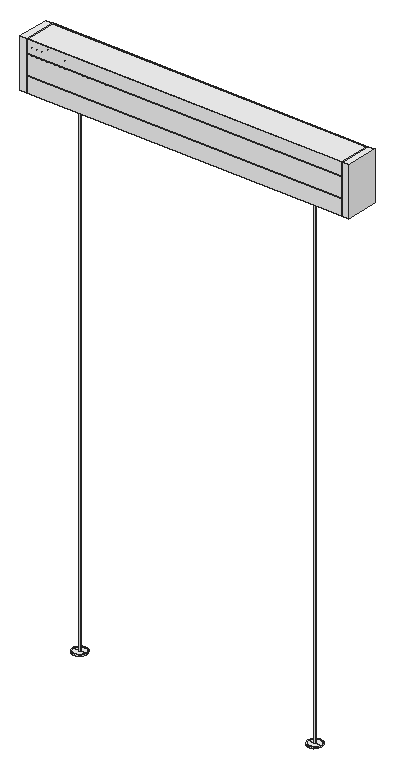
Revit family "2.3 inch  MAGIC WALL WASH LINEAR LIGHT", category Lighting Fixtures, host Face, Revit 2020 (continued)
Types (17): name | Wattage Comments | Wattage | Wall Mount | Suspenders Distance | Surface Mount | Recessed Mount | Photometric Web File | Pendent Mount | Order number | built-in parameter 1150142 | Model | built-in parameter 1150105 | Lumens | Light Source Height | Light Source Distance | built-in parameter 1150106 | Fixture Length
    6   951.30   \r\n 938.62   926.04   913.42   900.83   888.35   876.37   864.53   852.78   841.41   830.14   \r\n 819.06   808.41   797.83   787.39   777.13   766.95   756.92   747.08   737.30   727.84   \r\n 718.70   709.63   700.52   691.34   681.99   671.53   661.38   651.29   641.29   631.40   \r\n 621.61   611.88   602.18   592.58   583.18   574.22   565.32   556.50   547.71   539.00   \r\n 530.35   521.79   513.31   504.91   496.57   488.25   480.00   471.82   464.20   456.65   \r\n 449.17   441.56   433.83   426.17   418.58   410.89   402.70   394.58   386.51   378.41   \r\n 370.38   362.42   354.54   346.72   338.96   331.28   323.68   316.17   308.72   301.32   \r\n 293.99   286.76   279.60   272.50   265.46   258.50   251.62   244.79   238.00   231.27   \r\n 224.53   217.79   211.11   204.48   197.90   191.38   184.96   178.62   172.31   166.03   \r\n 159.79   153.58   147.40   141.22   135.07   128.96   122.89   116.84   110.83   104.85   \r\n 98.89    93.70    89.14    84.60    80.07    75.56    71.06    66.57    62.10    57.64    \r\n 53.18    48.74    44.31    39.88    35.46    31.04    26.63    22.22    17.81    13.40    \r\n 9.00     8.57     8.15     7.72     7.29     6.87     6.44     6.01     5.59     5.17     \r\n 4.74     4.32     3.90     3.48     3.07     2.66     2.25     1.84     1.43     1.03     \r\n 0.83     0.87     0.91     0.95     0.98     1.02     1.06     1.10     1.14     1.18     \r\n 1.22     1.26     1.30     1.34     1.38     1.42     1.46     1.51     1.55     1.59     \r\n 1.63     1.68     1.72     1.77     1.81     1.86     1.90     1.94     1.99     2.03     \r\n 2.08     2.12     2.17     2.22     2.27     2.32     2.37     2.42     2.47     2.51     \r\n 2.56     2.60     2.65     2.70     2.75     2.79     2.84     2.89     2.93     2.98     \r\n 3.02     3.06     3.11     3.15     3.20     3.24     3.29     3.33     3.37     3.41     \r\n 3.46     3.50     3.54     3.58     3.63     3.67     3.71     3.75     3.79     3.83     \r\n 3.87     3.90     3.94     3.98     4.02     4.06     4.09     4.12     4.14     4.16     \r\n 4.18     4.20     4.22     4.24     4.26     4.28     4.30     4.32     4.33     4.35     \r\n 4.36     4.38     4.39     4.40     4.42     4.43     4.45     4.46     4.47     4.49     \r\n 4.50     4.52     4.53     4.54     4.56     4.57     4.58     4.59     4.61     4.62     \r\n 4.63     4.64     4.65     4.66     4.67     4.67     4.67     4.66     4.66     4.65     \r\n 4.64     4.64     4.63     4.62     4.61     4.60     4.59     4.58     4.57     4.56     \r\n 4.55     4.54     4.53     4.52     4.50     4.49     4.47     4.46     4.45     4.44     \r\n 4.42     4.41     4.39     4.37     4.35     4.34     4.32     4.31     4.29     4.26     \r\n 4.24     4.23     4.21     4.20     4.18     4.16     4.13     4.10     4.07     4.05     \r\n 4.26     \r\n1793.11  1780.58  1768.10  1755.09  1741.65  1728.26  1714.93  1701.59  1688.22  1674.87  \r\n 1661.48  1647.83  1634.16  1619.92  1605.57  1591.06  1576.19  1561.39  1546.00  1530.57  \r\n 1515.10  1499.55  1484.07  1468.03  1452.05  1436.17  1420.32  1404.45  1388.13  1371.88  \r\n 1355.44  1338.85  1322.29  1305.64  1289.01  1272.86  1256.99  1241.15  1225.34  1209.58  \r\n 1194.54  1179.83  1165.07  1150.21  1135.42  1121.40  1107.76  1094.15  1080.57  1066.99  \r\n 1054.44  1039.77  1024.86  1009.61  994.49   980.22   966.58   953.04   939.35   925.76   \r\n 912.59   899.87   887.22   874.79   862.48   850.45   838.94   827.50   816.26   805.14   \r\n 794.11   783.39   772.75   762.41   752.46   742.58   732.67   722.77   712.95   703.42   \r\n 693.99   684.74   675.70   666.71   657.69   648.69   639.73   631.38   623.16   615.00   \r\n 606.86   597.86   588.36   578.89   569.51   560.26   551.14   542.09   533.35   524.91   \r\n 516.53   508.00   499.37   490.81   482.62   474.67   466.79   458.86   450.89   443.02   \r\n 435.29   427.72   420.20   412.73   405.35   398.03   390.79   383.64   376.55   369.53   \r\n 362.72   355.36   347.72   340.10   332.40   324.76   317.20   309.85   302.68   295.57   \r\n 288.52   281.38   274.26   267.21   260.23   253.40   246.66   239.98   233.37   226.83   \r\n 220.37   213.96   207.62   201.34   194.97   188.59   182.28   176.02   169.82   163.68   \r\n 157.59   151.56   145.58   139.64   133.75   127.94   122.18   116.44   110.73   105.04   \r\n 99.38    93.74    88.12    83.09    78.70    74.32    69.96    65.62    61.29    56.97    \r\n 52.66    48.37    44.08    39.81    35.54    31.27    27.01    22.76    18.51    14.25    \r\n 10.00    9.46     8.92     8.38     7.84     7.30     6.76     6.22     5.69     5.15     \r\n 4.62     4.09     3.56     3.03     2.51     1.99     1.48     0.97     0.75     0.79     \r\n 0.82     0.86     0.90     0.93     0.97     1.01     1.04     1.08     1.12     1.16     \r\n 1.20     1.24     1.28     1.32     1.37     1.41     1.45     1.49     1.54     1.58     \r\n 1.63     1.67     1.71     1.76     1.80     1.85     1.89     1.94     1.98     2.03     \r\n 2.08     2.12     2.17     2.22     2.27     2.32     2.38     2.43     2.48     2.52     \r\n 2.57     2.61     2.66     2.70     2.75     2.80     2.85     2.89     2.94     2.99     \r\n 3.04     3.09     3.13     3.18     3.22     3.27     3.32     3.36     3.41     3.45     \r\n 3.50     3.54     3.59     3.63     3.68     3.72     3.77     3.81     3.86     3.90     \r\n 3.93     3.96     3.99     4.02     4.05     4.07     4.10     4.12     4.14     4.17     \r\n 4.20     4.22     4.25     4.27     4.29     4.30     4.33     4.35     4.37     4.39     \r\n 4.41     4.43     4.44     4.46     4.47     4.49     4.50     4.52     4.53     4.55     \r\n 4.56     4.57     4.59     4.60     4.61     4.63     4.64     4.66     4.67     4.68     \r\n 4.69     4.69     4.69     4.69     4.69     4.69     4.69     4.69     4.68     4.68     \r\n 4.67     4.66     4.66     4.65     4.64     4.63     4.62     4.61     4.60     4.59     \r\n 4.58     4.57     4.55     4.54     4.53     4.52     4.50     4.48     4.47     4.46     \r\n 4.45     4.43     4.41     4.40     4.38     4.36     4.34     4.32     4.31     4.28     \r\n 4.26     4.24     4.22     4.20     4.19     4.17     4.14     4.11     4.08     4.05     \r\n 4.26     \r\n1793.11  1780.02  1766.97  1753.21  1739.14  1725.13  1711.18  1697.21  1683.17  1669.17  \r\n 1654.96  1640.66  1625.96  1610.83  1595.65  1579.94  1564.28  1548.08  1531.78  1515.39  \r\n 1498.93  1482.39  1465.34  1448.36  1431.59  1414.86  1397.76  1380.40  1363.03  1345.39  \r\n 1327.79  1310.16  1292.53  1275.33  1258.47  1241.62  1224.76  1207.95  1192.30  1176.78  \r\n 1161.00  1145.03  1129.37  1114.82  1100.28  1085.88  1071.49  1057.80  1044.91  1032.03  \r\n 1018.85  1005.65  993.42   981.55   969.62   957.55   945.51   932.89   919.47   906.13   \r\n 892.89   879.89   867.62   855.43   843.44   831.56   819.86   808.43   797.07   786.35   \r\n 775.74   765.19   754.67   744.20   733.77   723.42   713.47   703.83   694.23   684.56   \r\n 674.92   665.65   656.67   647.75   638.95   630.18   621.42   612.67   603.96   595.48   \r\n 587.06   578.85   570.97   563.15   555.11   547.03   539.06   531.56   524.12   515.60   \r\n 506.73   497.93   489.61   481.42   473.26   465.03   456.86   448.79   440.81   432.91   \r\n 425.15   417.55   410.02   402.51   395.02   387.59   380.49   373.53   366.64   359.58   \r\n 352.52   345.52   338.69   331.97   325.31   318.72   312.21   305.63   298.39   291.36   \r\n 284.37   277.41   270.21   263.09   256.06   249.15   242.38   235.72   229.15   222.70   \r\n 216.30   209.97   203.70   197.53   191.45   185.43   179.48   173.60   167.73   161.77   \r\n 155.86   149.99   144.20   138.47   132.78   127.15   121.56   116.01   110.49   105.02   \r\n 99.59    94.20    88.85    83.53    78.25    73.26    69.02    64.79    60.58    56.39    \r\n 52.21    48.04    43.89    39.75    35.61    31.49    27.37    23.25    19.14    15.03    \r\n 10.92    10.24    9.55     8.87     8.18     7.50     6.82     6.14     5.46     4.78     \r\n 4.11     3.45     2.79     2.13     1.48     0.83     0.69     0.72     0.76     0.79     \r\n 0.83     0.86     0.90     0.94     0.97     1.01     1.04     1.08     1.12     1.16     \r\n 1.20     1.23     1.27     1.31     1.35     1.40     1.44     1.48     1.52     1.56     \r\n 1.61     1.65     1.70     1.74     1.79     1.83     1.88     1.93     1.98     2.02     \r\n 2.08     2.13     2.18     2.23     2.27     2.32     2.36     2.41     2.46     2.51     \r\n 2.55     2.60     2.65     2.70     2.76     2.81     2.86     2.92     2.97     3.02     \r\n 3.06     3.11     3.16     3.20     3.25     3.30     3.35     3.40     3.45     3.50     \r\n 3.55     3.60     3.64     3.68     3.72     3.75     3.78     3.81     3.85     3.88     \r\n 3.92     3.95     3.98     4.01     4.04     4.07     4.10     4.13     4.16     4.18     \r\n 4.21     4.23     4.26     4.28     4.31     4.33     4.36     4.39     4.41     4.42     \r\n 4.44     4.47     4.49     4.51     4.54     4.55     4.56     4.57     4.59     4.60     \r\n 4.62     4.63     4.64     4.66     4.67     4.67     4.68     4.68     4.69     4.69     \r\n 4.70     4.70     4.70     4.70     4.70     4.70     4.71     4.70     4.70     4.70     \r\n 4.69     4.69     4.68     4.67     4.67     4.66     4.65     4.64     4.62     4.61     \r\n 4.60     4.59     4.58     4.57     4.55     4.54     4.53     4.51     4.49     4.47     \r\n 4.46     4.45     4.43     4.42     4.40     4.37     4.35     4.34     4.32     4.30     \r\n 4.27     4.25     4.23     4.21     4.20     4.18     4.15     4.11     4.08     4.05     \r\n 4.26     \r\n1793.11  1779.55  1766.04  1751.65  1737.05  1722.54  1708.06  1693.54  1678.95  1664.35  \r\n 1649.53  1634.70  1618.93  1603.18  1586.91  1570.52  1553.77  1536.71  1519.60  1502.33  \r\n 1485.02  1467.09  1449.21  1431.69  1414.20  1396.14  1377.85  1359.47  1340.96  1322.47  \r\n 1303.99  1285.55  1267.83  1250.13  1232.38  1214.65  1197.85  1181.68  1165.20  1148.23  \r\n 1131.52  1116.19  1100.88  1085.81  1070.75  1056.56  1042.85  1029.14  1015.37  1001.79  \r\n 989.19   976.61   963.85   951.08   938.96   927.16   915.42   903.74   892.19   881.36   \r\n 870.56   859.93   849.34   839.02   828.87   818.49   807.28   796.11   785.09   774.11   \r\n 762.95   751.79   741.10   730.97   720.86   710.67   700.51   690.78   681.19   671.72   \r\n 662.39   653.09   643.75   634.46   625.38   616.38   607.59   599.10   590.65   582.06   \r\n 573.51   565.18   557.00   548.81   540.47   532.17   524.42   516.82   509.18   501.45   \r\n 493.76   486.18   478.65   471.22   463.89   456.61   449.38   442.19   434.80   427.09   \r\n 419.44   411.62   403.81   396.10   388.55   381.07   373.67   366.34   359.06   351.97   \r\n 344.97   338.02   331.02   324.06   317.13   310.24   303.38   296.73   290.23   283.79   \r\n 277.36   270.97   264.65   258.49   252.44   245.84   239.22   232.69   226.22   219.82   \r\n 213.45   207.16   200.94   194.75   188.62   182.53   176.48   170.48   164.53   158.63   \r\n 152.84   147.22   141.66   136.14   130.65   125.24   119.89   114.59   109.33   104.12   \r\n 98.94    93.82    88.74    83.72    78.74    73.80    68.91    64.05    59.88    55.78    \r\n 51.71    47.65    43.61    39.59    35.58    31.59    27.60    23.62    19.65    15.68    \r\n 11.71    10.83    9.95     9.08     8.20     7.33     6.46     5.59     4.73     3.87     \r\n 3.03     2.18     1.35     0.60     0.63     0.66     0.69     0.72     0.76     0.79     \r\n 0.83     0.86     0.90     0.93     0.97     1.00     1.03     1.07     1.11     1.15     \r\n 1.18     1.22     1.26     1.30     1.34     1.38     1.42     1.46     1.50     1.55     \r\n 1.59     1.63     1.68     1.73     1.78     1.82     1.87     1.92     1.96     2.01     \r\n 2.06     2.11     2.15     2.20     2.25     2.30     2.36     2.41     2.46     2.51     \r\n 2.56     2.62     2.67     2.72     2.77     2.82     2.87     2.93     2.98     3.03     \r\n 3.09     3.14     3.20     3.24     3.29     3.33     3.37     3.42     3.45     3.49     \r\n 3.52     3.56     3.61     3.65     3.68     3.72     3.75     3.79     3.83     3.86     \r\n 3.90     3.93     3.97     4.01     4.04     4.08     4.11     4.14     4.17     4.20     \r\n 4.23     4.26     4.28     4.31     4.33     4.36     4.38     4.41     4.43     4.46     \r\n 4.49     4.52     4.53     4.54     4.57     4.59     4.61     4.63     4.64     4.64     \r\n 4.64     4.65     4.66     4.67     4.68     4.68     4.69     4.69     4.70     4.70     \r\n 4.70     4.71     4.71     4.71     4.72     4.72     4.72     4.72     4.72     4.71     \r\n 4.71     4.70     4.70     4.69     4.68     4.68     4.67     4.66     4.65     4.63     \r\n 4.62     4.61     4.60     4.59     4.57     4.56     4.55     4.53     4.51     4.49     \r\n 4.47     4.46     4.45     4.43     4.41     4.39     4.37     4.35     4.33     4.31     \r\n 4.29     4.26     4.24     4.22     4.20     4.18     4.16     4.12     4.08     4.05     \r\n 4.26     \r\n1793.11  1779.19  1765.31  1750.42  1735.40  1720.50  1705.62  1690.63  1675.61  1660.49  \r\n 1645.25  1629.61  1613.30  1596.86  1579.85  1562.81  1545.13  1527.48  1509.56  1491.66  \r\n 1473.11  1454.47  1436.22  1418.12  1399.44  1380.37  1361.23  1341.97  1322.75  1303.58  \r\n 1284.54  1266.13  1247.73  1229.22  1210.73  1193.84  1177.15  1159.61  1141.82  1125.13  \r\n 1109.18  1093.40  1077.82  1062.59  1048.16  1033.80  1019.58  1005.36  992.16   978.98   \r\n 965.65   952.30   939.63   927.26   915.04   902.93   891.10   879.75   868.45   857.29   \r\n 846.19   835.65   825.11   814.93   804.82   795.00   785.29   775.40   765.36   755.66   \r\n 746.63   737.61   728.52   719.43   710.71   702.03   693.58   684.04   674.28   664.52   \r\n 654.88   645.41   636.03   627.02   618.04   609.11   600.19   591.36   582.59   573.79   \r\n 564.94   556.25   548.15   540.08   531.86   523.65   515.53   507.47   499.51   491.67   \r\n 483.86   476.04   468.26   460.79   453.44   446.06   438.63   431.25   424.02   416.84   \r\n 409.78   402.77   395.80   388.85   381.95   375.26   368.62   362.01   355.44   348.69   \r\n 341.52   334.38   327.17   319.97   312.84   305.93   299.07   292.24   285.48   278.79   \r\n 272.29   265.84   259.47   253.20   246.98   240.76   234.58   228.48   222.62   216.82   \r\n 211.09   205.36   199.72   193.58   187.37   181.23   175.15   169.10   163.13   157.24   \r\n 151.50   145.88   140.33   134.85   129.41   124.03   118.72   113.49   108.38   103.29   \r\n 98.27    93.31    88.39    83.53    78.73    73.99    69.30    64.67    60.09    55.55    \r\n 51.28    47.31    43.37    39.45    35.55    31.66    27.79    23.93    20.08    16.23    \r\n 12.39    11.24    10.08    8.93     7.79     6.64     5.51     4.38     3.27     2.17     \r\n 1.08     0.58     0.60     0.63     0.66     0.68     0.71     0.74     0.77     0.80     \r\n 0.83     0.86     0.89     0.93     0.96     0.99     1.03     1.06     1.10     1.13     \r\n 1.17     1.21     1.24     1.28     1.32     1.36     1.41     1.45     1.49     1.54     \r\n 1.58     1.63     1.67     1.72     1.76     1.81     1.86     1.91     1.96     2.01     \r\n 2.06     2.11     2.16     2.21     2.26     2.32     2.37     2.42     2.47     2.52     \r\n 2.58     2.64     2.68     2.73     2.77     2.82     2.87     2.91     2.96     3.01     \r\n 3.05     3.10     3.14     3.18     3.23     3.27     3.32     3.37     3.41     3.46     \r\n 3.50     3.55     3.60     3.64     3.67     3.71     3.75     3.80     3.83     3.87     \r\n 3.90     3.94     3.97     4.01     4.05     4.08     4.12     4.16     4.20     4.23     \r\n 4.26     4.29     4.32     4.34     4.37     4.40     4.42     4.44     4.46     4.48     \r\n 4.50     4.52     4.54     4.56     4.58     4.59     4.60     4.62     4.64     4.66     \r\n 4.67     4.67     4.67     4.68     4.69     4.69     4.70     4.70     4.71     4.71     \r\n 4.71     4.72     4.72     4.72     4.73     4.73     4.73     4.73     4.73     4.73     \r\n 4.72     4.72     4.71     4.70     4.70     4.69     4.68     4.68     4.67     4.66     \r\n 4.64     4.63     4.62     4.60     4
